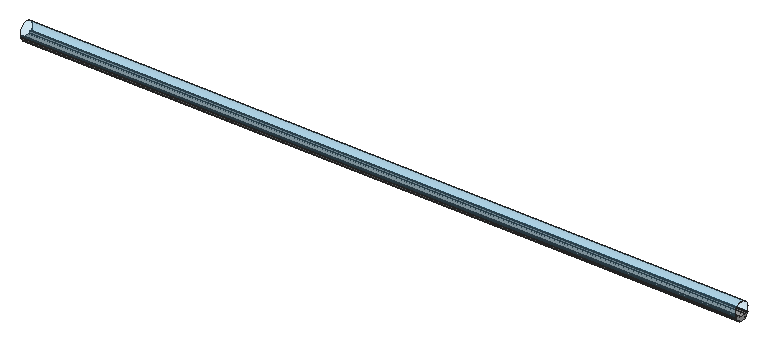
Revit family "PS2020", category Luminarias, Revit 2019
Family settings
  Cota de conector redondo = Diámetro de uso
  Tipo de pieza = Normal
  Se basa en plano de trabajo = Sí
  Siempre vertical = No
  Corte con vacíos al cargar = No
  Origen de luz = No
  Compartido = Sí
  Punto de cálculo de habitación = No
Parameters (values of type "PERFIL_PS2020")
  Tapa Final 2020.1 = 1
  Keynote = ""
  Modelo = "PS2020"
  Lamp = ""
  Longitud = 1000 mm
  Fabricante = "BRILLANT"
  Default Elevation = 1219.2 mm
  Descripción = "PERFIL DE ALUMINIO CIRCULAR CON DIFUSOR LECHOSO, PARA ALOJAR TIRA LUMINOSA, PERFIL DE COLOCACION DE 12.7MM DE ANCHO. INSTALACION SOBRE SUPERFICIES PLANAS (CON CLIP MONTADO), PERFIL DE SOBREPONER. IDEAL PARA ATENUAR EL BRILLO E INCORPORAR LA LUZ AL AMBIENTE.PRESENTACION DESDE 0.5 - 3 METROS, REQUEIRE ACCESORIOS COMO TAPA FINAL (CONSIDERAR 1 PAR POR SEGMENTO DE PERFIL), CLIPS DE SUJECION (CONSIDERAR 4 PZAS POR SEGMENTO DE PERFIL) Y CONECTOR PARA SUSPENDER (CONSIDERAR 4 PZAS POR SEGMENTO DE PERFIL)."
  Costo USD_PS2020 [instance] = (Longitud / 1000 mm) * (11.5)  # 11.5
  Conector 2020.3 = (Longitud / 1000 mm) * (4)  # 4
  Wattage Comments = ""
  Clips de Sujecion 2020.2 = (Longitud / 1000 mm) * (4)  # 4
Reference planes
  plane 1 "Centro (Frontal/Posterior)": y = 0
  plane 2: z = 0
  plane 3 "Centro (Izquierda/Derecha)": x = 0
  plane 4: x = -1000
Forms (mm)
  Extrusion 1, solid, material "Aluminio"
    sketch origin (37.527, 0, 32.853) x (0, 0, 1) y (0, -1, 0)
      loop
        line (-26.515, 6.35) -> (-24.436, 6.35) -> (-24.436, 7.59) -> (-25.217, 9.05) -> (-25.217, 6.762) -> (-26.164, 6.762) -> (-26.164, 9.436)
        arc (-26.164, 9.436) -> (-27.966, 8.594) -> (-29.566, 7.412) r 10
        line (-29.566, 7.412) -> (-28.056, 5.946) -> (-28.613, 5.372) -> (-30.166, 6.82)
        arc (-30.166, 6.82) -> (-30.56, 6.373) -> (-30.925, 5.902) r 10
        line (-30.925, 5.902) -> (-29.15, 4.71) -> (-29.596, 4.046) -> (-31.428, 5.145)
        arc (-31.428, 5.145) -> (-31.68, 4.7) -> (-31.909, 4.242) r 10
        line (-31.909, 4.242) -> (-29.973, 3.335) -> (-30.297, 2.603) -> (-32.235, 3.462)
        arc (-32.235, 3.462) -> (-32.609, 2.196) -> (-32.813, 0.893) r 10
        line (-32.813, 0.893) -> (-30.954, 1.569) -> (-30.954, 0.745)
        arc (-30.954, 0.745) -> (-29.728, 0) -> (-30.954, -0.745) r 0.839
        line (-30.954, -0.745) -> (-30.954, -1.569) -> (-32.813, -0.893)
        arc (-32.813, -0.893) -> (-32.609, -2.196) -> (-32.235, -3.462) r 10
        line (-32.235, -3.462) -> (-30.297, -2.603) -> (-29.973, -3.335) -> (-31.909, -4.242)
        arc (-31.909, -4.242) -> (-31.68, -4.7) -> (-31.428, -5.145) r 10
        line (-31.428, -5.145) -> (-29.596, -4.046) -> (-29.15, -4.71) -> (-30.925, -5.902)
        arc (-30.925, -5.902) -> (-30.56, -6.373) -> (-30.166, -6.82) r 10
        line (-30.166, -6.82) -> (-28.613, -5.372) -> (-28.056, -5.946) -> (-29.566, -7.412)
        arc (-29.566, -7.412) -> (-27.966, -8.594) -> (-26.164, -9.436) r 10
        line (-26.164, -9.436) -> (-26.164, -6.762) -> (-25.217, -6.762) -> (-25.217, -9.05) -> (-24.436, -7.59) -> (-24.436, -6.35) -> (-26.515, -6.35) -> (-26.515, 6.35)
    from -1037.527 to -37.527
  Extrusion 2, solid, material "Difusor Lechoso"
    sketch origin (22.394, 0, 30.619) x (0, 0, 1) y (0, -1, 0)
      loop
        line (-23.93, 9.165) -> (-23.93, 6.762) -> (-22.983, 6.762) -> (-22.983, 9.05)
        arc (-22.983, 9.05) -> (-7.282, 0) -> (-22.983, -9.05) r 10.459
        line (-22.983, -9.05) -> (-22.983, -6.762) -> (-23.93, -6.762) -> (-23.93, -9.165)
        arc (-23.93, -9.165) -> (-6.682, 0) -> (-23.93, 9.165) r 11.059
    from -1022.394 to -22.394
Dimensions and locks
  "Longitud": plane 3 "Centro (Izquierda/Derecha)" to plane 4
  "Longitud": plane 4 to plane 3 "Centro (Izquierda/Derecha)"
  Extrusion 1 to Extrusion 1 = 12.7 mm
  diameter of Extrusion 1 = 20 mm
  aligned and locked: level to plane 2
  aligned and locked: plane 4 to Extrusion 1
  aligned and locked: plane 3 "Centro (Izquierda/Derecha)" to Extrusion 1
  aligned and locked: plane 4 to Extrusion 2
  aligned and locked: plane 3 "Centro (Izquierda/Derecha)" to Extrusion 2
Automatic sketch dimensions
  Extrusion 2 sketch curve to plane 1 "Centro (Frontal/Posterior)" = 0 mm
  level to Extrusion 2 sketch curve = 6.689 mm
  Extrusion 2 sketch curve to Extrusion 2 sketch curve = 0.947 mm  (x2)
  Extrusion 2 sketch curve to Extrusion 2 sketch curve = 2.403 mm  (x2)
  Extrusion 2 sketch curve to Extrusion 2 sketch curve = 0.115 mm  (x2)
  Extrusion 2 sketch curve to Extrusion 2 sketch curve = 0 mm  (x3)
  Extrusion 2 sketch curve to plane 1 "Centro (Frontal/Posterior)" = 6.762 mm
  Extrusion 2 sketch curve to Extrusion 2 sketch curve = 5.243 mm
  Extrusion 1 sketch curve to Extrusion 1 sketch curve = 0 mm  (x56)
  Extrusion 1 sketch curve to plane 1 "Centro (Frontal/Posterior)" = 0 mm  (x2)
  level to Extrusion 1 sketch curve = 0.04 mm  (x2)
  level to Extrusion 1 sketch curve = 0.618 mm  (x2)
  Extrusion 1 sketch curve to Extrusion 1 sketch curve = 0.326 mm  (x2)
  Extrusion 1 sketch curve to Extrusion 1 sketch curve = 0.481 mm  (x2)
  level to Extrusion 1 sketch curve = 1.899 mm  (x2)
  Extrusion 1 sketch curve to Extrusion 1 sketch curve = 0.502 mm  (x2)
  Extrusion 1 sketch curve to Extrusion 1 sketch curve = 0.387 mm
  Extrusion 1 sketch curve to Extrusion 1 sketch curve = 0.657 mm  (x2)
  Extrusion 1 sketch curve to Extrusion 1 sketch curve = 0.759 mm  (x2)
  Extrusion 1 sketch curve to Extrusion 1 sketch curve = 0.324 mm  (x2)
  Extrusion 1 sketch curve to Extrusion 1 sketch curve = 0.377 mm  (x2)
  Extrusion 1 sketch curve to Extrusion 1 sketch curve = 0.601 mm  (x2)
  Extrusion 1 sketch curve to Extrusion 1 sketch curve = 0.446 mm  (x2)
  Extrusion 1 sketch curve to Extrusion 1 sketch curve = 0.537 mm  (x2)
  Extrusion 1 sketch curve to Extrusion 1 sketch curve = 0.557 mm  (x2)
  Extrusion 1 sketch curve to Extrusion 1 sketch curve = 1.54 mm
  Extrusion 1 sketch curve to Extrusion 1 sketch curve = 0.352 mm  (x2)
  Extrusion 1 sketch curve to Extrusion 1 sketch curve = 0.947 mm  (x2)
  Extrusion 1 sketch curve to Extrusion 1 sketch curve = 0.781 mm  (x2)
  Extrusion 1 sketch curve to Extrusion 1 sketch curve = 1.583 mm
  Extrusion 1 sketch curve to plane 1 "Centro (Frontal/Posterior)" = 0.745 mm
  Extrusion 1 sketch curve to plane 1 "Centro (Frontal/Posterior)" = 0.893 mm
  Extrusion 1 sketch curve to Extrusion 1 sketch curve = 0.824 mm  (x2)
  Extrusion 1 sketch curve to Extrusion 1 sketch curve = 1.034 mm  (x2)
  Extrusion 1 sketch curve to Extrusion 1 sketch curve = 0.711 mm  (x2)
  Extrusion 1 sketch curve to Extrusion 1 sketch curve = 0.78 mm  (x2)
  Extrusion 1 sketch curve to Extrusion 1 sketch curve = 0.664 mm  (x2)
  Extrusion 1 sketch curve to Extrusion 1 sketch curve = 0.662 mm  (x2)
  Extrusion 1 sketch curve to Extrusion 1 sketch curve = 0.574 mm  (x2)
  Extrusion 1 sketch curve to Extrusion 1 sketch curve = 0.404 mm
  Extrusion 1 sketch curve to Extrusion 1 sketch curve = 0.412 mm  (x2)
  Extrusion 1 sketch curve to Extrusion 1 sketch curve = 0.827 mm  (x2)
  Extrusion 1 sketch curve to Extrusion 1 sketch curve = 0.386 mm  (x2)
  plane 1 "Centro (Frontal/Posterior)" to Extrusion 1 sketch curve = 0.893 mm
  Extrusion 1 sketch curve to Extrusion 1 sketch curve = 3.086 mm
